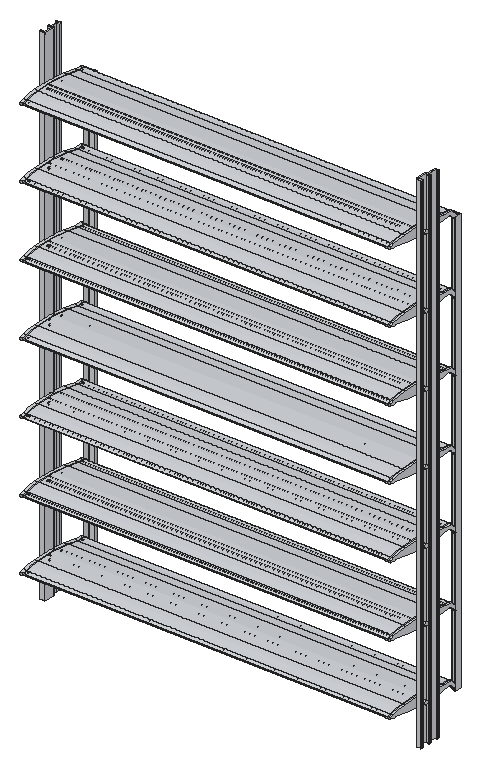
Revit family "150 MIDI PIVOT PANEL)", category Generic Models, Revit 2018
Family settings
  Can host rebar = No
  Round Connector Dimension = Use Diameter
  Part Type = Normal
  Work Plane-Based = No
  Always vertical = Yes
  Cut with Voids When Loaded = No
  Shared = No
  Room Calculation Point = No
Parameters
  STEPPED CHANNEL [instance] = none
  SPACING [instance] = 138 mm  # constant formula
  MIN LENGTH LIMIT [instance] = if(LENGTH < 100 mm, 100 mm, LENGTH)  # 750 mm
  MIN HEIGHT [instance] = if(HEIGHT < 304.7 mm, 304.7 mm, HEIGHT)  # 1000 mm
  LENGTH [instance] = 750 mm
  FIXED HEIGHT [instance] = NUMBER OF BLADES * 138 mm + 28.7 mm  # 994.7 mm
  HEIGHT [instance] = 1000 mm
  END CAP [instance] = none
  DRIVE ARM [instance] = none
  150 MIDI LOUVRE BLADE [instance] = none
  NUMBER OF BLADES [instance] = if(rounddown((HEIGHT - 28.7 mm) / SPACING) < 2, 2, rounddown((HEIGHT - 28.7 mm) / SPACING))  # 7
  ANGLE RESTRICTIONS [instance] = if(LOUVRE BLADE ANGLE < 0.00°, 0.00°, if(LOUVRE BLADE ANGLE > 89.00°, 89.00°, LOUVRE BLADE ANGLE))  # 0.00°
  LOUVRE BLADE ANGLE [instance] = 0.00°
Reference planes
  plane 1 "Center (Front/Back)": y = 0
  plane 2: z = 0
  plane 3 "Center (Left/Right)": x = 0
  plane 4: z = 1000
  plane 5: z = 75.483
  plane 6: z = 213.483
  plane 7: x = -375
  plane 8: x = 375
  plane 9: z = 351.483
  plane 10: z = 489.483
  plane 11: z = 627.483
  plane 12: z = 765.483
  plane 13: z = 903.483
Forms (mm)
  Extrusion 1, solid, material <- "STEPPED CHANNEL"
    sketch origin (0, -1.348, 0) x (1, 0, 0) y (0, 1, 0)
      loop
        line (-374.5, 28.052) -> (-371.2, 28.052) -> (-371.2, 11.348) -> (-374.5, 11.348)
        arc (-374.5, 11.348) -> (-374.854, 11.202) -> (-375, 10.848) r 0.5
        line (-375, 10.848) -> (-375, 8.848)
        arc (-375, 8.848) -> (-374.854, 8.494) -> (-374.5, 8.348) r 0.5
        line (-374.5, 8.348) -> (-368, 8.348) -> (-368, -8.348) -> (-374.5, -8.348)
        arc (-374.5, -8.348) -> (-374.854, -8.494) -> (-375, -8.848) r 0.5
        line (-375, -8.848) -> (-375, -10.814)
        arc (-375, -10.814) -> (-374.843, -11.192) -> (-374.466, -11.348) r 0.534
        line (-374.466, -11.348) -> (-366, -11.348)
        arc (-366, -11.348) -> (-365.293, -11.055) -> (-365, -10.348) r 1
        line (-365, -10.348) -> (-365, 10.348)
        arc (-365, 10.348) -> (-365.293, 11.055) -> (-366, 11.348) r 1
        line (-366, 11.348) -> (-368.2, 11.348) -> (-368.2, 20.45) -> (-368.914, 20.95) -> (-368.2, 21.45) -> (-368.2, 30.544)
        arc (-368.2, 30.544) -> (-368.349, 30.903) -> (-368.708, 31.052) r 0.508
        line (-368.708, 31.052) -> (-374.466, 31.052)
        arc (-374.466, 31.052) -> (-374.843, 30.895) -> (-375, 30.518) r 0.534
        line (-375, 30.518) -> (-375, 28.552)
        arc (-375, 28.552) -> (-374.854, 28.198) -> (-374.5, 28.052) r 0.5
    from 0 to 1000
  Extrusion 2, solid, material <- "STEPPED CHANNEL"
    sketch origin (0, -1.348, 0) x (-1, 0, 0) y (0, -1, 0)
      loop
        arc (-374.5, -28.052) -> (-374.854, -28.198) -> (-375, -28.552) r 0.5
        line (-375, -28.552) -> (-375, -30.518)
        arc (-375, -30.518) -> (-374.843, -30.895) -> (-374.466, -31.052) r 0.534
        line (-374.466, -31.052) -> (-368.708, -31.052)
        arc (-368.708, -31.052) -> (-368.349, -30.903) -> (-368.2, -30.544) r 0.508
        line (-368.2, -30.544) -> (-368.2, -21.45) -> (-368.914, -20.95) -> (-368.2, -20.45) -> (-368.2, -11.348) -> (-366, -11.348)
        arc (-366, -11.348) -> (-365.293, -11.055) -> (-365, -10.348) r 1
        line (-365, -10.348) -> (-365, 10.348)
        arc (-365, 10.348) -> (-365.293, 11.055) -> (-366, 11.348) r 1
        line (-366, 11.348) -> (-374.466, 11.348)
        arc (-374.466, 11.348) -> (-374.843, 11.192) -> (-375, 10.814) r 0.534
        line (-375, 10.814) -> (-375, 8.848)
        arc (-375, 8.848) -> (-374.854, 8.494) -> (-374.5, 8.348) r 0.5
        line (-374.5, 8.348) -> (-368, 8.348) -> (-368, -8.348) -> (-374.5, -8.348)
        arc (-374.5, -8.348) -> (-374.854, -8.494) -> (-375, -8.848) r 0.5
        line (-375, -8.848) -> (-375, -10.848)
        arc (-375, -10.848) -> (-374.854, -11.202) -> (-374.5, -11.348) r 0.5
        line (-374.5, -11.348) -> (-371.2, -11.348) -> (-371.2, -28.052) -> (-374.5, -28.052)
    from 0 to 1000
Dimensions and locks
  equal spacing: group 1, group 2, group 3, group 4, group 5, group 6, group 7  (x3)
  "MIN HEIGHT": plane 4 to plane 2
  "SPACING": plane 6 to plane 5
  equal spacing: plane 7, plane 3 "Center (Left/Right)", plane 8
  "MIN LENGTH LIMIT": plane 7 to plane 8
  locked: plane 7 to nested 3 at 10.7
  locked: plane 8 to nested 4 at 10.7
  aligned and locked: level to plane 2
  aligned and locked: plane 4 to Extrusion 1
  aligned and locked: plane 4 to Extrusion 2
Automatic sketch dimensions
  Extrusion 1 sketch curve to plane 7 = 0 mm  (x3)
  Extrusion 1 sketch curve to Extrusion 1 sketch curve = 0.5 mm  (x5)
  plane 7 to Extrusion 1 sketch curve = 0.5 mm
  plane 7 to Extrusion 1 sketch curve = 0.534 mm
  Extrusion 1 sketch curve to Extrusion 1 sketch curve = 0.534 mm
  Extrusion 1 sketch curve to Extrusion 1 sketch curve = 3.3 mm
  plane 7 to Extrusion 1 sketch curve = 6.086 mm
  Extrusion 1 sketch curve to Extrusion 1 sketch curve = 2.492 mm
  Extrusion 1 sketch curve to Extrusion 1 sketch curve = 3 mm
  Extrusion 1 sketch curve to Extrusion 1 sketch curve = 0.508 mm
  Extrusion 1 sketch curve to Extrusion 1 sketch curve = 6.5 mm
  Extrusion 1 sketch curve to Extrusion 1 sketch curve = 2.2 mm
  Extrusion 1 sketch curve to Extrusion 1 sketch curve = 2 mm  (x3)
  Extrusion 1 sketch curve to Extrusion 1 sketch curve = 1 mm
  plane 1 "Center (Front/Back)" to Extrusion 1 sketch curve = 12.696 mm
  Extrusion 1 sketch curve to Extrusion 1 sketch curve = 1.966 mm  (x2)
  Extrusion 1 sketch curve to plane 1 "Center (Front/Back)" = 7 mm
  Extrusion 1 sketch curve to Extrusion 1 sketch curve = 9.102 mm
  Extrusion 1 sketch curve to Extrusion 1 sketch curve = 6.602 mm
  Extrusion 2 sketch curve to plane 8 = 0 mm  (x3)
  Extrusion 2 sketch curve to Extrusion 2 sketch curve = 0.5 mm  (x5)
  plane 8 to Extrusion 2 sketch curve = 0.5 mm
  plane 8 to Extrusion 2 sketch curve = 0.534 mm
  Extrusion 2 sketch curve to Extrusion 2 sketch curve = 0.534 mm
  Extrusion 2 sketch curve to Extrusion 2 sketch curve = 3.3 mm
  plane 8 to Extrusion 2 sketch curve = 6.086 mm
  Extrusion 2 sketch curve to Extrusion 2 sketch curve = 2.492 mm
  Extrusion 2 sketch curve to Extrusion 2 sketch curve = 3 mm
  Extrusion 2 sketch curve to Extrusion 2 sketch curve = 0.508 mm
  Extrusion 2 sketch curve to Extrusion 2 sketch curve = 6.5 mm
  Extrusion 2 sketch curve to Extrusion 2 sketch curve = 2.2 mm
  Extrusion 2 sketch curve to Extrusion 2 sketch curve = 2 mm  (x3)
  Extrusion 2 sketch curve to Extrusion 2 sketch curve = 1 mm
  Extrusion 2 sketch curve to plane 1 "Center (Front/Back)" = 29.704 mm
  Extrusion 2 sketch curve to Extrusion 2 sketch curve = 1.966 mm
  Extrusion 2 sketch curve to Extrusion 2 sketch curve = 6.602 mm
  Extrusion 2 sketch curve to Extrusion 2 sketch curve = 9.102 mm
  Extrusion 2 sketch curve to Extrusion 2 sketch curve = 0 mm
  plane 1 "Center (Front/Back)" to Extrusion 2 sketch curve = 9.696 mm
Nested families
  nested 1: "BLADE 1" at (0, 0, 75.483), type "BLADE 1"
    with LENGTH 750 mm, ANGLE 0.00°
  nested 2: "BLADE 1" at (0, 0, 213.483), type "BLADE 1"
    with LENGTH 750 mm, ANGLE 0.00°
  nested 3: "DRIVE ARM 1" at (-364.3, -0.024, -86.723), type "DRIVE ARM 1"
    with HEIGHT 1000 mm, ANGLE 0.00°
  nested 4: "DRIVE ARM 1" at (364.3, -0.024, -86.723) x (-1, 0, 0) z (0, 0, 1), type "DRIVE ARM 1"
    with HEIGHT 1000 mm, ANGLE 0.00°
  nested 5: "BLADE 1" at (0, 0, 351.483), type "BLADE 1"
    with LENGTH 750 mm, ANGLE 0.00°
  nested 6: "BLADE 1" at (0, 0, 489.483), type "BLADE 1"
    with LENGTH 750 mm, ANGLE 0.00°
  nested 7: "BLADE 1" at (0, 0, 627.483), type "BLADE 1"
    with LENGTH 750 mm, ANGLE 0.00°
  nested 8: "BLADE 1" at (0, 0, 765.483), type "BLADE 1"
    with LENGTH 750 mm, ANGLE 0.00°
  nested 9: "BLADE 1" at (0, 0, 903.483), type "BLADE 1"
    with LENGTH 750 mm, ANGLE 0.00°
Definition of nested family "BLADE 1"
  Parameters (values of type "BLADE 1")
    LENGTH = 1000 mm
    END CAP = none
    BLADE = none
    ANGLE = 89.00°
  Reference planes
    plane 1 "Center (Front/Back)": y = 0
    plane 2: z = 0
    plane 3 "Center (Left/Right)": x = 0
  Lines and regions (mm)
    reference lines
      curve 1: line (0, 0, 0) -> (0, -0.96, -54.992)
  Dimensions and locks
    "ANGLE": angle curve 1 to plane 2
    aligned and locked: level to plane 2
    aligned and locked: plane 1 "Center (Front/Back)" to curve 1
    aligned and locked: plane 2 to curve 1
  Nested families
    nested 1: "150 MIDI LOUVRE BLADE END CAP" at (0, 0, 0) x (-1, 0, 0) z (0, -0.9998, 0.0175), type "150 MIDI LOUVRE BLADE END CAP"
  Definition of nested family "150 MIDI LOUVRE BLADE END CAP"
    Parameters (values of type "150 MIDI LOUVRE BLADE END CAP")
      LENGTH = 1000 mm
      END CAP = none
      Default Elevation = 1219.2 mm
      BLADE = none
    Reference planes
      plane 1 "Center (Front/Back)": y = 0
      plane 2: z = 0
      plane 3 "Center (Left/Right)": x = 0
      plane 4: x = -483.3
      plane 5: x = -489.3
      plane 6: x = -500
      plane 7: x = 483.3
      plane 8: x = 489.3
      plane 9: x = 500
    Forms (mm)
      Extrusion 1, solid, material <- "END CAP"
        sketch origin (-380, 0, 0) x (0, -1, 0) y (0, 0, 1)
          loop
            line (70.759, -4.71) -> (84.54, -18.461)
            arc (84.54, -18.461) -> (89.49, -18.461) -> (89.49, -13.512) r 3.5
            line (89.49, -13.512) -> (75.304, 0.626)
            arc (75.304, 0.626) -> (74.974, 0.836) -> (74.586, 0.889) r 0.909
            arc (74.586, 0.889) -> (66.819, 0.735) -> (59.093, 1.543) r 62.66
            arc (59.093, 1.543) -> (46.587, 3.695) -> (34.1, 5.953) r 1498.297
            arc (34.1, 5.953) -> (-1.998, 9.895) -> (-38.291, 8.711) r 257.057
            arc (-38.291, 8.711) -> (-52.413, 7.107) -> (-66.259, 3.903) r 124.472
            arc (-66.259, 3.903) -> (-70.209, 2.496) -> (-74.033, 0.778) r 52.452
            arc (-74.033, 0.778) -> (-74.453, -0.287) -> (-73.507, -0.932) r 0.918
            arc (-73.507, -0.932) -> (-71.26, -0.805) -> (-69.01, -0.758) r 62.661
            line (-69.01, -0.758) -> (-68.181, -0.785)
            arc (-68.181, -0.785) -> (-66.83, -1.745) -> (-65.419, -0.875) r 1.5
            line (-65.419, -0.875) -> (-64.532, -0.905)
            arc (-64.532, -0.905) -> (-61.499, -1.187) -> (-58.483, -1.617) r 62.661
            arc (-58.483, -1.617) -> (-45.689, -3.815) -> (-32.915, -6.124) r 1498.297
            arc (-32.915, -6.124) -> (3.183, -10.066) -> (39.476, -8.882) r 257.057
            arc (39.476, -8.882) -> (53.598, -7.277) -> (67.444, -4.074) r 124.472
            arc (67.444, -4.074) -> (69.199, -3.883) -> (70.759, -4.71) r 3.007
          loop
            circle (87.015, -15.987) r 1.325
        from 103.3 to 109.3
      Extrusion 2, solid, material <- "END CAP"
        sketch origin (-489.3, 0, 0) x (0, -1, 0) y (0, 0, 1)
          loop
            circle (0, 0) r 6.9
        from 0 to 1
      Extrusion 3, solid, material <- "END CAP"
        sketch origin (-490.3, 0, 0) x (0, -1, 0) y (0, 0, 1)
          loop
            circle (0, 0) r 3.2
        from 0 to 9.7
      Extrusion 4, solid, material <- "BLADE"
        sketch origin (-380, 0, 0) x (0, -1, 0) y (0, 0, 1)
          loop
            line (-62.393, 3.313) -> (-62.469, 0.666)
            arc (-62.469, 0.666) -> (-48.331, -1.728) -> (-34.217, -4.257) r 1499.897
            arc (-34.217, -4.257) -> (-24.059, -5.954) -> (-13.841, -7.242) r 255.457
            arc (-13.841, -7.242) -> (-13.459, -7.121) -> (-13.288, -6.759) r 0.5
            line (-13.288, -6.759) -> (-13.196, -3.532)
            arc (-13.196, -3.532) -> (-13.405, -3.112) -> (-13.871, -3.05) r 0.5
            arc (-13.871, -3.05) -> (-15.762, -3.165) -> (-17.397, -2.206) r 3.249
            arc (-17.397, -2.206) -> (-17.362, -1.358) -> (-16.514, -1.393) r 0.6
            arc (-16.514, -1.393) -> (-13.892, -1.726) -> (-13.121, 0.802) r 2.05
            arc (-13.121, 0.802) -> (-14.602, 2.005) -> (-16.432, 1.468) r 2.05
            arc (-16.432, 1.468) -> (-17.28, 1.482) -> (-17.267, 2.33) r 0.6
            arc (-17.267, 2.33) -> (-15.58, 3.194) -> (-13.698, 2.971) r 3.25
            arc (-13.698, 2.971) -> (-13.23, 3.006) -> (-12.997, 3.414) r 0.5
            line (-12.997, 3.414) -> (-12.867, 7.962)
            arc (-12.867, 7.962) -> (-13.009, 8.326) -> (-13.37, 8.477) r 0.5
            arc (-13.37, 8.477) -> (-23.289, 8.222) -> (-33.191, 7.583) r 255.457
            line (-33.191, 7.583) -> (-41.62, 6.874)
            arc (-41.62, 6.874) -> (-52.083, 5.54) -> (-62.393, 3.313) r 122.872
          loop
            arc (-12.007, -7.428) -> (-0.244, -8.31) -> (11.547, -8.648) r 255.457
            line (11.547, -8.648) -> (12.006, 7.372)
            arc (12.006, 7.372) -> (0.24, 8.199) -> (-11.551, 8.482) r 255.457
            line (-11.551, 8.482) -> (-12.007, -7.428)
          loop
            arc (13.362, -8.652) -> (23.878, -8.419) -> (34.376, -7.754) r 255.457
            line (34.376, -7.754) -> (42.805, -7.045)
            arc (42.805, -7.045) -> (55.549, -5.297) -> (68.041, -2.227) r 122.872
            arc (68.041, -2.227) -> (68.516, -1.488) -> (67.862, -0.901) r 0.678
            arc (67.862, -0.901) -> (63.33, -0.628) -> (58.828, -0.035) r 64.26
            arc (58.828, -0.035) -> (46.311, 2.119) -> (33.812, 4.38) r 1499.897
            arc (33.812, 4.38) -> (23.852, 5.984) -> (13.837, 7.194) r 255.457
            arc (13.837, 7.194) -> (13.457, 7.072) -> (13.287, 6.71) r 0.5
            line (13.287, 6.71) -> (13.196, 3.532)
            arc (13.196, 3.532) -> (13.405, 3.111) -> (13.871, 3.049) r 0.5
            arc (13.871, 3.049) -> (15.762, 3.165) -> (17.397, 2.206) r 3.248
            arc (17.397, 2.206) -> (17.362, 1.358) -> (16.514, 1.393) r 0.6
            arc (16.514, 1.393) -> (14.284, 1.923) -> (12.957, 0.055) r 2.05
            arc (12.957, 0.055) -> (14.183, -1.873) -> (16.432, -1.468) r 2.05
            arc (16.432, -1.468) -> (17.28, -1.481) -> (17.267, -2.33) r 0.6
            arc (17.267, -2.33) -> (15.58, -3.194) -> (13.698, -2.97) r 3.248
            arc (13.698, -2.97) -> (13.23, -3.005) -> (12.997, -3.413) r 0.5
            line (12.997, -3.413) -> (12.862, -8.138)
            arc (12.862, -8.138) -> (13.003, -8.501) -> (13.362, -8.652) r 0.5
          loop
            arc (-64.532, -0.905) -> (-61.499, -1.187) -> (-58.483, -1.617) r 62.661
            arc (-58.483, -1.617) -> (-45.689, -3.815) -> (-32.915, -6.124) r 1498.297
            arc (-32.915, -6.124) -> (3.183, -10.066) -> (39.476, -8.882) r 257.057
            arc (39.476, -8.882) -> (53.598, -7.277) -> (67.444, -4.074) r 124.472
            arc (67.444, -4.074) -> (71.311, -2.576) -> (75.071, -0.829) r 63.273
            arc (75.071, -0.829) -> (75.536, 0.23) -> (74.586, 0.889) r 0.909
            arc (74.586, 0.889) -> (66.819, 0.735) -> (59.093, 1.543) r 62.66
            arc (59.093, 1.543) -> (46.587, 3.695) -> (34.1, 5.953) r 1498.297
            arc (34.1, 5.953) -> (-1.998, 9.895) -> (-38.291, 8.711) r 257.057
            arc (-38.291, 8.711) -> (-52.413, 7.107) -> (-66.259, 3.903) r 124.472
            arc (-66.259, 3.903) -> (-70.209, 2.496) -> (-74.033, 0.778) r 52.452
            arc (-74.033, 0.778) -> (-74.453, -0.287) -> (-73.507, -0.932) r 0.918
            arc (-73.507, -0.932) -> (-71.26, -0.805) -> (-69.01, -0.758) r 62.661
            arc (-69.01, -0.758) -> (-68.51, -0.193) -> (-69.128, 0.239) r 0.505
            line (-69.128, 0.239) -> (-69.907, 0.054) -> (-70.207, 1.319) -> (-64.754, 2.614) -> (-64.453, 1.349) -> (-65.232, 1.164)
            arc (-65.232, 1.164) -> (-65.542, 0.94) -> (-65.603, 0.562) r 0.5
            line (-65.603, 0.562) -> (-65.389, -0.285)
            arc (-65.389, -0.285) -> (-65.049, -0.717) -> (-64.532, -0.905) r 1
        from 103.3 to -863.3
      Extrusion 5, solid, material <- "END CAP"
        sketch origin (380, 0, 0) x (0, -1, 0) y (0, 0, -1)
          loop
            arc (70.759, 4.71) -> (69.199, 3.883) -> (67.444, 4.074) r 3.007
            arc (67.444, 4.074) -> (53.598, 7.277) -> (39.476, 8.882) r 124.472
            arc (39.476, 8.882) -> (3.183, 10.066) -> (-32.915, 6.124) r 257.057
            arc (-32.915, 6.124) -> (-45.689, 3.815) -> (-58.483, 1.617) r 1498.297
            arc (-58.483, 1.617) -> (-61.499, 1.187) -> (-64.532, 0.905) r 62.661
            line (-64.532, 0.905) -> (-65.419, 0.875)
            arc (-65.419, 0.875) -> (-66.83, 1.745) -> (-68.181, 0.785) r 1.5
            line (-68.181, 0.785) -> (-69.01, 0.758)
            arc (-69.01, 0.758) -> (-71.26, 0.805) -> (-73.507, 0.932) r 62.661
            arc (-73.507, 0.932) -> (-74.453, 0.287) -> (-74.033, -0.778) r 0.918
            arc (-74.033, -0.778) -> (-70.209, -2.496) -> (-66.259, -3.903) r 52.452
            arc (-66.259, -3.903) -> (-52.413, -7.107) -> (-38.291, -8.711) r 124.472
            arc (-38.291, -8.711) -> (-1.998, -9.895) -> (34.1, -5.953) r 257.057
            arc (34.1, -5.953) -> (46.587, -3.695) -> (59.093, -1.543) r 1498.297
            arc (59.093, -1.543) -> (66.819, -0.735) -> (74.586, -0.889) r 62.66
            arc (74.586, -0.889) -> (74.974, -0.836) -> (75.304, -0.626) r 0.909
            line (75.304, -0.626) -> (89.49, 13.512)
            arc (89.49, 13.512) -> (89.49, 18.461) -> (84.54, 18.461) r 3.5
            line (84.54, 18.461) -> (70.759, 4.71)
          loop
            circle (87.015, 15.987) r 1.325
        from 103.3 to 109.3
      Extrusion 6, solid, material <- "END CAP"
        sketch origin (489.3, 0, 0) x (0, -1, 0) y (0, 0, -1)
          loop
            circle (0, 0) r 6.9
        from 0 to 1
      Extrusion 7, solid, material <- "END CAP"
        sketch origin (490.3, 0, 0) x (0, -1, 0) y (0, 0, -1)
          loop
            circle (0, 0) r 3.2
        from 0 to 9.7
    Dimensions and locks
      plane 6 to plane 5 to plane 4 = 10.7 mm locked, 6 mm locked
      plane 9 to plane 8 to plane 7 = 10.7 mm locked, 6 mm locked
      equal spacing: plane 6, plane 3 "Center (Left/Right)", plane 9
      "LENGTH": plane 6 to plane 9
      aligned and locked: level to plane 2
      aligned and locked: Extrusion 4 to plane 4
      aligned and locked: plane 4 to Extrusion 1
      aligned and locked: Extrusion 1 to plane 5
      aligned and locked: Extrusion 5 to plane 7
      aligned and locked: plane 8 to Extrusion 5
      aligned and locked: Extrusion 4 to plane 7
    Automatic sketch dimensions
      Extrusion 1 sketch curve to Extrusion 1 sketch curve = 0 mm  (x8)
      Extrusion 1 sketch curve to plane 1 "Center (Front/Back)" = 305.803 mm
      Extrusion 1 sketch curve to level = 0.017 mm  (x2)
      Extrusion 1 sketch curve to plane 1 "Center (Front/Back)" = 73.576 mm
      Extrusion 1 sketch curve to level = 0.758 mm
      Extrusion 1 sketch curve to Extrusion 1 sketch curve = 4.566 mm
      Extrusion 1 sketch curve to Extrusion 1 sketch curve = 0.184 mm
      Extrusion 1 sketch curve to level = 0.785 mm
      Extrusion 1 sketch curve to Extrusion 1 sketch curve = 0.829 mm
      Extrusion 1 sketch curve to level = 0.246 mm
      Extrusion 1 sketch curve to Extrusion 1 sketch curve = 1.4 mm
      Extrusion 1 sketch curve to level = 0.875 mm
      Extrusion 1 sketch curve to level = 0.905 mm
      Extrusion 1 sketch curve to Extrusion 1 sketch curve = 0.887 mm
      Extrusion 1 sketch curve to Extrusion 1 sketch curve = 18.18 mm
      Extrusion 1 sketch curve to plane 1 "Center (Front/Back)" = 31.323 mm
      Extrusion 1 sketch curve to plane 1 "Center (Front/Back)" = 11.784 mm
      plane 1 "Center (Front/Back)" to Extrusion 1 sketch curve = 12.969 mm
      plane 1 "Center (Front/Back)" to Extrusion 1 sketch curve = 32.508 mm
      Extrusion 1 sketch curve to level = 6.836 mm
      plane 1 "Center (Front/Back)" to Extrusion 1 sketch curve = 68.633 mm
      Extrusion 1 sketch curve to Extrusion 1 sketch curve = 36.952 mm
      Extrusion 1 sketch curve to Extrusion 1 sketch curve = 6.028 mm
      Extrusion 1 sketch curve to level = 18.461 mm
      Extrusion 1 sketch curve to Extrusion 1 sketch curve = 15.907 mm
      Extrusion 1 sketch curve to Extrusion 1 sketch curve = 2.475 mm  (x2)
      Extrusion 1 sketch curve to level = 13.512 mm
      plane 1 "Center (Front/Back)" to Extrusion 1 sketch curve = 306.988 mm
      Extrusion 1 sketch curve to level = 46.171 mm
      Extrusion 1 sketch curve to Extrusion 1 sketch curve = 17.247 mm
      Extrusion 1 sketch curve to Extrusion 1 sketch curve = 52.147 mm
      Extrusion 1 sketch curve to Extrusion 1 sketch curve = 131.41 mm  (x2)
      Extrusion 1 sketch curve to Extrusion 1 sketch curve = 1232.385 mm  (x2)
      level to Extrusion 1 sketch curve = 63.339 mm
      Extrusion 1 sketch curve to Extrusion 1 sketch curve = 52.056 mm
      Extrusion 1 sketch curve to Extrusion 1 sketch curve = 0.457 mm
      level to Extrusion 1 sketch curve = 3.903 mm
      level to Extrusion 1 sketch curve = 8.711 mm
      Extrusion 1 sketch curve to level = 6.124 mm
      level to Extrusion 1 sketch curve = 5.953 mm
      Extrusion 1 sketch curve to level = 8.882 mm
      Extrusion 1 sketch curve to Extrusion 1 sketch curve = 1.189 mm
      Extrusion 1 sketch curve to Extrusion 1 sketch curve = 2.126 mm
      Extrusion 1 sketch curve to level = 4.695 mm
      Extrusion 1 sketch curve to Extrusion 1 sketch curve = 0.015 mm
      level to Extrusion 1 sketch curve = 0.626 mm
      level to Extrusion 1 sketch curve = 0.65 mm
      Extrusion 1 sketch curve to Extrusion 1 sketch curve = 0.024 mm
      Extrusion 2 sketch curve to Extrusion 1 = 3.022 mm
      Extrusion 1 to Extrusion 2 sketch curve = 46.725 mm
      Extrusion 4 sketch curve to Extrusion 4 sketch curve = 0 mm  (x58)
      Extrusion 4 sketch curve to plane 1 "Center (Front/Back)" = 305.803 mm
      Extrusion 4 sketch curve to level = 0.017 mm  (x2)
      Extrusion 4 sketch curve to plane 1 "Center (Front/Back)" = 73.576 mm
      level to Extrusion 4 sketch curve = 1.319 mm
      Extrusion 4 sketch curve to Extrusion 4 sketch curve = 3.369 mm
      level to Extrusion 4 sketch curve = 0.054 mm
      Extrusion 4 sketch curve to Extrusion 4 sketch curve = 0.3 mm
      level to Extrusion 4 sketch curve = 0.239 mm
      Extrusion 4 sketch curve to Extrusion 4 sketch curve = 0.117 mm
      Extrusion 4 sketch curve to Extrusion 4 sketch curve = 0.185 mm
      level to Extrusion 4 sketch curve = 0.562 mm
      Extrusion 4 sketch curve to Extrusion 4 sketch curve = 3.409 mm
      Extrusion 4 sketch curve to level = 0.285 mm
      Extrusion 4 sketch curve to Extrusion 4 sketch curve = 0.213 mm
      level to Extrusion 4 sketch curve = 1.164 mm
      Extrusion 4 sketch curve to Extrusion 4 sketch curve = 0.371 mm
      Extrusion 4 sketch curve to Extrusion 4 sketch curve = 0.116 mm
      level to Extrusion 4 sketch curve = 2.614 mm
      level to Extrusion 4 sketch curve = 0.093 mm
      Extrusion 4 sketch curve to Extrusion 4 sketch curve = 0.653 mm
      level to Extrusion 4 sketch curve = 0.666 mm
      Extrusion 4 sketch curve to Extrusion 4 sketch curve = 1.994 mm
      level to Extrusion 4 sketch curve = 3.313 mm
      Extrusion 4 sketch curve to Extrusion 4 sketch curve = 2.36 mm
      Extrusion 4 sketch curve to Extrusion 4 sketch curve = 18.18 mm
      level to Extrusion 4 sketch curve = 6.874 mm
      Extrusion 4 sketch curve to Extrusion 4 sketch curve = 20.774 mm
      level to Extrusion 4 sketch curve = 7.583 mm
      Extrusion 4 sketch curve to Extrusion 4 sketch curve = 8.429 mm  (x2)
      Extrusion 4 sketch curve to plane 1 "Center (Front/Back)" = 31.323 mm
      Extrusion 4 sketch curve to level = 1.8 mm
      Extrusion 4 sketch curve to plane 1 "Center (Front/Back)" = 16.955 mm
      Extrusion 4 sketch curve to Extrusion 4 sketch curve = 0.106 mm
      Extrusion 4 sketch curve to level = 0.005 mm
      Extrusion 4 sketch curve to Extrusion 4 sketch curve = 1.949 mm
      Extrusion 4 sketch curve to Extrusion 4 sketch curve = 3.167 mm
      Extrusion 4 sketch curve to Extrusion 4 sketch curve = 0.092 mm
      Extrusion 4 sketch curve to Extrusion 4 sketch curve = 3.353 mm
      Extrusion 4 sketch curve to Extrusion 4 sketch curve = 0.13 mm
      Extrusion 4 sketch curve to level = 6.759 mm
      Extrusion 4 sketch curve to Extrusion 4 sketch curve = 0.5 mm  (x9)
      Extrusion 4 sketch curve to level = 3.532 mm
      level to Extrusion 4 sketch curve = 3.414 mm
      Extrusion 4 sketch curve to Extrusion 4 sketch curve = 1.281 mm
      Extrusion 4 sketch curve to plane 1 "Center (Front/Back)" = 11.784 mm
      Extrusion 4 sketch curve to Extrusion 4 sketch curve = 1.315 mm  (x2)
      plane 1 "Center (Front/Back)" to Extrusion 4 sketch curve = 11.547 mm
      level to Extrusion 4 sketch curve = 7.372 mm
      plane 1 "Center (Front/Back)" to Extrusion 4 sketch curve = 12.006 mm
      plane 1 "Center (Front/Back)" to Extrusion 4 sketch curve = 12.969 mm
      Extrusion 4 sketch curve to level = 3.413 mm
      Extrusion 4 sketch curve to Extrusion 4 sketch curve = 0.135 mm
      level to Extrusion 4 sketch curve = 3.532 mm
      Extrusion 4 sketch curve to Extrusion 4 sketch curve = 1.191 mm
      Extrusion 4 sketch curve to Extrusion 4 sketch curve = 1.282 mm
      level to Extrusion 4 sketch curve = 0.005 mm
      Extrusion 4 sketch curve to Extrusion 4 sketch curve = 1.31 mm
      Extrusion 4 sketch curve to Extrusion 4 sketch curve = 0.001 mm  (x3)
      Extrusion 4 sketch curve to Extrusion 4 sketch curve = 1.843 mm
      Extrusion 4 sketch curve to Extrusion 4 sketch curve = 1.948 mm
      plane 1 "Center (Front/Back)" to Extrusion 4 sketch curve = 32.508 mm
      Extrusion 4 sketch curve to level = 7.754 mm
      Extrusion 4 sketch curve to Extrusion 4 sketch curve = 17.526 mm
      Extrusion 4 sketch curve to level = 7.045 mm
      plane 1 "Center (Front/Back)" to Extrusion 4 sketch curve = 46.538 mm
      Extrusion 4 sketch curve to level = 1.579 mm
      Extrusion 4 sketch curve to Extrusion 4 sketch curve = 25.04 mm
      Extrusion 4 sketch curve to Extrusion 4 sketch curve = 22.922 mm
      Extrusion 4 sketch curve to Extrusion 4 sketch curve = 6.816 mm
      plane 1 "Center (Front/Back)" to Extrusion 4 sketch curve = 306.988 mm
      Extrusion 4 sketch curve to Extrusion 4 sketch curve = 131.41 mm
      Extrusion 4 sketch curve to Extrusion 4 sketch curve = 1232.385 mm  (x2)
      Extrusion 4 sketch curve to Extrusion 4 sketch curve = 63.133 mm
      Extrusion 4 sketch curve to Extrusion 4 sketch curve = 17.247 mm
      Extrusion 4 sketch curve to Extrusion 4 sketch curve = 5.235 mm
      Extrusion 4 sketch curve to Extrusion 4 sketch curve = 0.496 mm
      Extrusion 4 sketch curve to Extrusion 4 sketch curve = 0.014 mm  (x7)
      Extrusion 4 sketch curve to Extrusion 4 sketch curve = 0.67 mm
      Extrusion 4 sketch curve to level = 1.899 mm
      Extrusion 4 sketch curve to level = 0.253 mm
      Extrusion 4 sketch curve to Extrusion 4 sketch curve = 0.002 mm  (x2)
      level to Extrusion 4 sketch curve = 1.8 mm
      level to Extrusion 4 sketch curve = 1.899 mm
      Extrusion 4 sketch curve to Extrusion 4 sketch curve = 0.675 mm
      Extrusion 4 sketch curve to Extrusion 4 sketch curve = 0.514 mm  (x2)
      level to Extrusion 4 sketch curve = 55.646 mm
      Extrusion 4 sketch curve to Extrusion 4 sketch curve = 7.693 mm
      Extrusion 4 sketch curve to Extrusion 4 sketch curve = 59.749 mm
      Extrusion 4 sketch curve to Extrusion 4 sketch curve = 0.457 mm
      Extrusion 4 sketch curve to Extrusion 4 sketch curve = 0.069 mm
      Extrusion 4 sketch curve to Extrusion 4 sketch curve = 1.506 mm
      Extrusion 4 sketch curve to Extrusion 4 sketch curve = 3.329 mm  (x2)
      Extrusion 4 sketch curve to level = 4.257 mm
      Extrusion 4 sketch curve to Extrusion 4 sketch curve = 1.301 mm
      Extrusion 4 sketch curve to Extrusion 4 sketch curve = 0.441 mm
      Extrusion 4 sketch curve to Extrusion 4 sketch curve = 0.417 mm
      level to Extrusion 4 sketch curve = 0.802 mm
      level to Extrusion 4 sketch curve = 0.055 mm
      Extrusion 4 sketch curve to Extrusion 4 sketch curve = 2.049 mm
      level to Extrusion 4 sketch curve = 4.38 mm
      Extrusion 4 sketch curve to Extrusion 4 sketch curve = 0.288 mm
      Extrusion 4 sketch curve to Extrusion 4 sketch curve = 0.597 mm
      Extrusion 5 sketch curve to Extrusion 5 sketch curve = 0 mm  (x8)
      Extrusion 5 sketch curve to plane 1 "Center (Front/Back)" = 305.803 mm
      Extrusion 5 sketch curve to level = 0.017 mm  (x2)
      Extrusion 5 sketch curve to plane 1 "Center (Front/Back)" = 73.576 mm
      Extrusion 5 sketch curve to level = 0.758 mm
      Extrusion 5 sketch curve to Extrusion 5 sketch curve = 4.566 mm
      Extrusion 5 sketch curve to Extrusion 5 sketch curve = 0.184 mm
      Extrusion 5 sketch curve to level = 0.785 mm
      Extrusion 5 sketch curve to Extrusion 5 sketch curve = 0.829 mm
      Extrusion 5 sketch curve to level = 0.246 mm
      Extrusion 5 sketch curve to Extrusion 5 sketch curve = 1.4 mm
      Extrusion 5 sketch curve to level = 0.875 mm
      Extrusion 5 sketch curve to level = 0.905 mm
      Extrusion 5 sketch curve to Extrusion 5 sketch curve = 0.887 mm
      Extrusion 5 sketch curve to Extrusion 5 sketch curve = 18.18 mm
      Extrusion 5 sketch curve to plane 1 "Center (Front/Back)" = 31.323 mm
      Extrusion 5 sketch curve to plane 1 "Center (Front/Back)" = 11.784 mm
      plane 1 "Center (Front/Back)" to Extrusion 5 sketch curve = 12.969 mm
      plane 1 "Center (Front/Back)" to Extrusion 5 sketch curve = 32.508 mm
      Extrusion 5 sketch curve to level = 6.836 mm
      plane 1 "Center (Front/Back)" to Extrusion 5 sketch curve = 68.633 mm
      Extrusion 5 sketch curve to Extrusion 5 sketch curve = 36.952 mm
      Extrusion 5 sketch curve to Extrusion 5 sketch curve = 6.028 mm
      Extrusion 5 sketch curve to level = 18.461 mm
      Extrusion 5 sketch curve to Extrusion 5 sketch curve = 15.907 mm
      Extrusion 5 sketch curve to Extrusion 5 sketch curve = 2.475 mm  (x2)
      Extrusion 5 sketch curve to level = 13.512 mm
      plane 1 "Center (Front/Back)" to Extrusion 5 sketch curve = 306.988 mm
      level to Extrusion 5 sketch curve = 63.339 mm
      Extrusion 5 sketch curve to Extrusion 5 sketch curve = 52.056 mm
      Extrusion 5 sketch curve to Extrusion 5 sketch curve = 131.41 mm  (x2)
      Extrusion 5 sketch curve to Extrusion 5 sketch curve = 1232.385 mm  (x2)
      Extrusion 5 sketch curve to level = 46.171 mm
      Extrusion 5 sketch curve to Extrusion 5 sketch curve = 17.247 mm
      Extrusion 5 sketch curve to Extrusion 5 sketch curve = 52.147 mm
      Extrusion 5 sketch curve to Extrusion 5 sketch curve = 0.457 mm
      level to Extrusion 5 sketch curve = 3.903 mm
      level to Extrusion 5 sketch curve = 8.711 mm
      Extrusion 5 sketch curve to level = 6.124 mm
      level to Extrusion 5 sketch curve = 5.953 mm
      Extrusion 5 sketch curve to level = 8.882 mm
      Extrusion 5 sketch curve to Extrusion 5 sketch curve = 1.189 mm
      Extrusion 5 sketch curve to Extrusion 5 sketch curve = 2.126 mm
      Extrusion 5 sketch curve to level = 4.695 mm
      Extrusion 5 sketch curve to Extrusion 5 sketch curve = 0.015 mm
      level to Extrusion 5 sketch curve = 0.626 mm
      level to Extrusion 5 sketch curve = 0.65 mm
      Extrusion 5 sketch curve to Extrusion 5 sketch curve = 0.024 mm
      Extrusion 6 sketch curve to Extrusion 5 = 3.022 mm
      Extrusion 5 to Extrusion 6 sketch curve = 46.725 mm
      radius of Extrusion 1 sketch curve = 1.325 mm
      radius of Extrusion 2 sketch curve = 6.9 mm
      radius of Extrusion 3 sketch curve to Extrusion 2 = 3.7 mm
      radius of Extrusion 5 sketch curve = 1.325 mm
      radius of Extrusion 6 sketch curve = 6.9 mm
      radius of Extrusion 7 sketch curve to Extrusion 6 = 3.7 mm
Definition of nested family "DRIVE ARM 1"
  Parameters (values of type "DRIVE ARM 1")
    HEIGHT = 442.705 mm
    DRIVE ARM = none
    ANGLE = 90.00°
  Reference planes
    plane 1 "Center (Front/Back)": y = 0
    plane 2: z = 0
    plane 3 "Center (Left/Right)": x = 0
  Lines and regions (mm)
    reference lines
      curve 1: line (0, 0, 0) -> (0, 0, 135)
  Dimensions and locks
    "ANGLE": angle plane 2 to curve 1
    aligned and locked: level to plane 2
    aligned and locked: plane 1 "Center (Front/Back)" to curve 1
    aligned and locked: plane 2 to curve 1
  Nested families
    nested 1: "DRIVE ARM" at (0, -15.987, 87.015), DRIVE ARM <- "DRIVE ARM", type "DRIVE ARM"
      with DRIVE ARM none
  Definition of nested family "DRIVE ARM"
    Parameters (values of type "DRIVE ARM")
      SPACING = 138 mm  # constant formula
      HEIGHT = 442.705 mm
      Default Elevation = 1219.2 mm
      DRIVE ARM [instance] = none
      ARRAY = if(rounddown((HEIGHT - 28.7 mm) / SPACING) < 2, 2, rounddown((HEIGHT - 28.7 mm) / SPACING))  # 3
      ARM HEIGHT = ARRAY * SPACING - 131 mm  # 283 mm
    Reference planes
      plane 1 "Center (Front/Back)": y = 0
      plane 2: z = 0
      plane 3 "Center (Left/Right)": x = 0
      plane 4: z = 75.483
      plane 5: z = 442.705
      plane 6: z = 213.483
      plane 7: z = 351.483
      plane 8: z = 158.705
      plane 9: z = 441.705
    Forms (mm)
      Extrusion 1, solid, material <- "DRIVE ARM"
        sketch origin (-501.599, 14.501, 0) x (0, 1, 0) y (-1, 0, 0)
          loop
            line (-6.5, -500) -> (-18.5, -500) -> (-18.5, -501.599) -> (-9.702, -501.599)
            arc (-9.702, -501.599) -> (-8.57, -502.068) -> (-8.101, -503.2) r 1.601
            line (-8.101, -503.2) -> (-8.101, -514.8)
            arc (-8.101, -514.8) -> (-6.447, -515.912) -> (-6.043, -513.96) r 1.201
            arc (-6.043, -513.96) -> (-6.381, -513.445) -> (-6.5, -512.84) r 1.6
            line (-6.5, -512.84) -> (-6.5, -500)
        from 158.705 to 441.705
    Dimensions and locks
      "HEIGHT": plane 5 to plane 2
      equal spacing: group 1, group 2, group 3  (x3)
      "SPACING": plane 4 to plane 6
      "ARM HEIGHT": plane 8 to plane 9
      aligned and locked: level to plane 2
      aligned and locked: Extrusion 1 to plane 9
      aligned and locked: plane 8 to Extrusion 1
    Automatic sketch dimensions
      Extrusion 1 sketch curve to plane 3 "Center (Left/Right)" = 0 mm
      plane 1 "Center (Front/Back)" to Extrusion 1 sketch curve = 3.999 mm
      Extrusion 1 sketch curve to plane 1 "Center (Front/Back)" = 4.799 mm
      Extrusion 1 sketch curve to plane 1 "Center (Front/Back)" = 6.4 mm
      Extrusion 1 sketch curve to Extrusion 1 sketch curve = 1.201 mm
      Extrusion 1 sketch curve to plane 3 "Center (Left/Right)" = 1.599 mm
      Extrusion 1 sketch curve to Extrusion 1 sketch curve = 1.601 mm
      Extrusion 1 sketch curve to Extrusion 1 sketch curve = 1.6 mm
      Extrusion 1 sketch curve to Extrusion 1 sketch curve = 9.64 mm
      Extrusion 1 sketch curve to Extrusion 1 sketch curve = 1.96 mm
